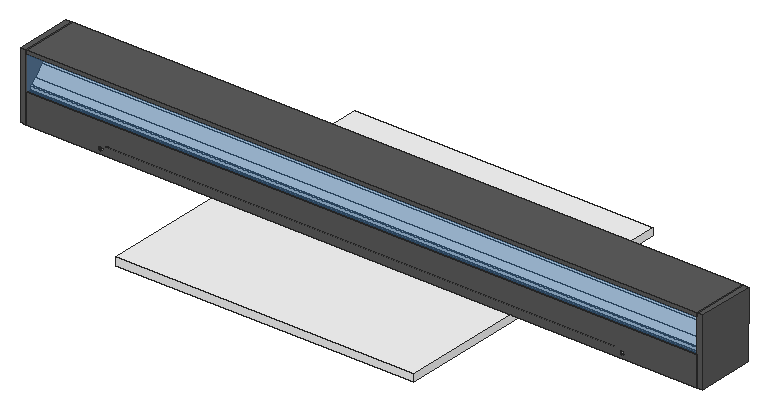
Revit family "BE_50805.5_de_DE", category Leuchten, Revit 2020 (continued)
Definition of nested family "BE_50805.5_Leuchte"
  Automatic sketch dimensions
    level to Extrusion 12 sketch curve = 79.676 mm
    Extrusion 12 sketch curve to Extrusion 12 sketch curve = 0 mm
    Extrusion 12 sketch curve to Extrusion 12 sketch curve = 0.855 mm  (x2)
    plane 1 "Mitte (Oben/Unten)" to Extrusion 13 sketch curve = 16.705 mm
    Extrusion 13 sketch curve to Extrusion 13 sketch curve = 0.311 mm  (x2)
    Extrusion 13 sketch curve to Extrusion 13 sketch curve = 2.819 mm  (x2)
    Extrusion 13 sketch curve to plane 1 "Mitte (Oben/Unten)" = 13.574 mm
    level to Extrusion 13 sketch curve = 79.676 mm
    Extrusion 13 sketch curve to Extrusion 13 sketch curve = 0 mm
    Extrusion 13 sketch curve to Extrusion 13 sketch curve = 0.855 mm  (x2)
    plane 1 "Mitte (Oben/Unten)" to Extrusion 14 sketch curve = 16.705 mm
    Extrusion 14 sketch curve to Extrusion 14 sketch curve = 0.311 mm  (x2)
    Extrusion 14 sketch curve to Extrusion 14 sketch curve = 2.819 mm  (x2)
    Extrusion 14 sketch curve to plane 1 "Mitte (Oben/Unten)" = 13.574 mm
    level to Extrusion 14 sketch curve = 79.676 mm
    Extrusion 14 sketch curve to Extrusion 14 sketch curve = 0 mm
    Extrusion 14 sketch curve to Extrusion 14 sketch curve = 0.855 mm  (x2)
    plane 1 "Mitte (Oben/Unten)" to Extrusion 15 sketch curve = 16.705 mm
    Extrusion 15 sketch curve to Extrusion 15 sketch curve = 0.311 mm  (x2)
    Extrusion 15 sketch curve to Extrusion 15 sketch curve = 2.819 mm  (x2)
    Extrusion 15 sketch curve to plane 1 "Mitte (Oben/Unten)" = 13.574 mm
    level to Extrusion 15 sketch curve = 79.676 mm
    Extrusion 15 sketch curve to Extrusion 15 sketch curve = 0 mm
    Extrusion 15 sketch curve to Extrusion 15 sketch curve = 0.855 mm  (x2)
    plane 1 "Mitte (Oben/Unten)" to Extrusion 16 sketch curve = 16.705 mm
    Extrusion 16 sketch curve to Extrusion 16 sketch curve = 0.311 mm  (x2)
    Extrusion 16 sketch curve to Extrusion 16 sketch curve = 2.819 mm  (x2)
    Extrusion 16 sketch curve to plane 1 "Mitte (Oben/Unten)" = 13.574 mm
    level to Extrusion 16 sketch curve = 79.676 mm
    Extrusion 16 sketch curve to Extrusion 16 sketch curve = 0 mm
    Extrusion 16 sketch curve to Extrusion 16 sketch curve = 0.855 mm  (x2)
    plane 1 "Mitte (Oben/Unten)" to Extrusion 17 sketch curve = 16.705 mm
    Extrusion 17 sketch curve to Extrusion 17 sketch curve = 0.311 mm  (x2)
    Extrusion 17 sketch curve to Extrusion 17 sketch curve = 2.819 mm  (x2)
    Extrusion 17 sketch curve to plane 1 "Mitte (Oben/Unten)" = 13.574 mm
    level to Extrusion 17 sketch curve = 79.676 mm
    Extrusion 17 sketch curve to Extrusion 17 sketch curve = 0 mm
    Extrusion 17 sketch curve to Extrusion 17 sketch curve = 0.855 mm  (x2)
    plane 1 "Mitte (Oben/Unten)" to Extrusion 18 sketch curve = 16.705 mm
    Extrusion 18 sketch curve to Extrusion 18 sketch curve = 0.311 mm  (x2)
    Extrusion 18 sketch curve to Extrusion 18 sketch curve = 2.819 mm  (x2)
    Extrusion 18 sketch curve to plane 1 "Mitte (Oben/Unten)" = 13.574 mm
    level to Extrusion 18 sketch curve = 79.676 mm
    Extrusion 18 sketch curve to Extrusion 18 sketch curve = 0 mm
    Extrusion 18 sketch curve to Extrusion 18 sketch curve = 0.855 mm  (x2)
    plane 1 "Mitte (Oben/Unten)" to Extrusion 19 sketch curve = 16.705 mm
    Extrusion 19 sketch curve to Extrusion 19 sketch curve = 0.311 mm  (x2)
    Extrusion 19 sketch curve to Extrusion 19 sketch curve = 2.819 mm  (x2)
    Extrusion 19 sketch curve to plane 1 "Mitte (Oben/Unten)" = 13.574 mm
    level to Extrusion 19 sketch curve = 79.676 mm
    Extrusion 19 sketch curve to Extrusion 19 sketch curve = 0 mm
    Extrusion 19 sketch curve to Extrusion 19 sketch curve = 0.855 mm  (x2)
    plane 1 "Mitte (Oben/Unten)" to Extrusion 20 sketch curve = 16.705 mm
    Extrusion 20 sketch curve to Extrusion 20 sketch curve = 0.311 mm  (x2)
    Extrusion 20 sketch curve to Extrusion 20 sketch curve = 2.819 mm  (x2)
    Extrusion 20 sketch curve to plane 1 "Mitte (Oben/Unten)" = 13.574 mm
    level to Extrusion 20 sketch curve = 79.676 mm
    Extrusion 20 sketch curve to Extrusion 20 sketch curve = 0 mm
    Extrusion 20 sketch curve to Extrusion 20 sketch curve = 0.855 mm  (x2)
    plane 1 "Mitte (Oben/Unten)" to Extrusion 21 sketch curve = 16.705 mm
    Extrusion 21 sketch curve to Extrusion 21 sketch curve = 0.311 mm  (x2)
    Extrusion 21 sketch curve to Extrusion 21 sketch curve = 2.819 mm  (x2)
    Extrusion 21 sketch curve to plane 1 "Mitte (Oben/Unten)" = 13.574 mm
    level to Extrusion 21 sketch curve = 79.676 mm
    Extrusion 21 sketch curve to Extrusion 21 sketch curve = 0 mm
    Extrusion 21 sketch curve to Extrusion 21 sketch curve = 0.855 mm  (x2)
    plane 1 "Mitte (Oben/Unten)" to Extrusion 22 sketch curve = 16.705 mm
    Extrusion 22 sketch curve to Extrusion 22 sketch curve = 0.311 mm  (x2)
    Extrusion 22 sketch curve to Extrusion 22 sketch curve = 2.819 mm  (x2)
    Extrusion 22 sketch curve to plane 1 "Mitte (Oben/Unten)" = 13.574 mm
    level to Extrusion 22 sketch curve = 79.676 mm
    Extrusion 22 sketch curve to Extrusion 22 sketch curve = 0 mm
    Extrusion 22 sketch curve to Extrusion 22 sketch curve = 0.855 mm  (x2)
    plane 1 "Mitte (Oben/Unten)" to Extrusion 23 sketch curve = 16.705 mm
    Extrusion 23 sketch curve to Extrusion 23 sketch curve = 0.311 mm  (x2)
    Extrusion 23 sketch curve to Extrusion 23 sketch curve = 2.819 mm  (x2)
    Extrusion 23 sketch curve to plane 1 "Mitte (Oben/Unten)" = 13.574 mm
    level to Extrusion 23 sketch curve = 79.676 mm
    Extrusion 23 sketch curve to Extrusion 23 sketch curve = 0 mm
    Extrusion 23 sketch curve to Extrusion 23 sketch curve = 0.855 mm  (x2)
    plane 1 "Mitte (Oben/Unten)" to Extrusion 24 sketch curve = 16.705 mm
    Extrusion 24 sketch curve to Extrusion 24 sketch curve = 0.311 mm  (x2)
    Extrusion 24 sketch curve to Extrusion 24 sketch curve = 2.819 mm  (x2)
    Extrusion 24 sketch curve to plane 1 "Mitte (Oben/Unten)" = 13.574 mm
    level to Extrusion 24 sketch curve = 79.676 mm
    Extrusion 24 sketch curve to Extrusion 24 sketch curve = 0 mm
    Extrusion 24 sketch curve to Extrusion 24 sketch curve = 0.855 mm  (x2)
    plane 1 "Mitte (Oben/Unten)" to Extrusion 25 sketch curve = 16.705 mm
    Extrusion 25 sketch curve to Extrusion 25 sketch curve = 0.311 mm  (x2)
    Extrusion 25 sketch curve to Extrusion 25 sketch curve = 2.819 mm  (x2)
    Extrusion 25 sketch curve to plane 1 "Mitte (Oben/Unten)" = 13.574 mm
    level to Extrusion 25 sketch curve = 79.676 mm
    Extrusion 25 sketch curve to Extrusion 25 sketch curve = 0 mm
    Extrusion 25 sketch curve to Extrusion 25 sketch curve = 0.855 mm  (x2)
    plane 1 "Mitte (Oben/Unten)" to Extrusion 26 sketch curve = 16.705 mm
    Extrusion 26 sketch curve to Extrusion 26 sketch curve = 0.311 mm  (x2)
    Extrusion 26 sketch curve to Extrusion 26 sketch curve = 2.819 mm  (x2)
    Extrusion 26 sketch curve to plane 1 "Mitte (Oben/Unten)" = 13.574 mm
    level to Extrusion 26 sketch curve = 79.676 mm
    Extrusion 26 sketch curve to Extrusion 26 sketch curve = 0 mm
    Extrusion 26 sketch curve to Extrusion 26 sketch curve = 0.855 mm  (x2)
    plane 1 "Mitte (Oben/Unten)" to Extrusion 27 sketch curve = 16.705 mm
    Extrusion 27 sketch curve to Extrusion 27 sketch curve = 0.311 mm  (x2)
    Extrusion 27 sketch curve to Extrusion 27 sketch curve = 2.819 mm  (x2)
    Extrusion 27 sketch curve to plane 1 "Mitte (Oben/Unten)" = 13.574 mm
    level to Extrusion 27 sketch curve = 79.676 mm
    Extrusion 27 sketch curve to Extrusion 27 sketch curve = 0 mm
    Extrusion 27 sketch curve to Extrusion 27 sketch curve = 0.855 mm  (x2)
    plane 1 "Mitte (Oben/Unten)" to Extrusion 28 sketch curve = 16.705 mm
    Extrusion 28 sketch curve to Extrusion 28 sketch curve = 0.311 mm  (x2)
    Extrusion 28 sketch curve to Extrusion 28 sketch curve = 2.819 mm  (x2)
    Extrusion 28 sketch curve to plane 1 "Mitte (Oben/Unten)" = 13.574 mm
    level to Extrusion 28 sketch curve = 79.676 mm
    Extrusion 28 sketch curve to Extrusion 28 sketch curve = 0 mm
    Extrusion 28 sketch curve to Extrusion 28 sketch curve = 0.855 mm  (x2)
    plane 1 "Mitte (Oben/Unten)" to Extrusion 29 sketch curve = 16.705 mm
    Extrusion 29 sketch curve to Extrusion 29 sketch curve = 0.311 mm  (x2)
    Extrusion 29 sketch curve to Extrusion 29 sketch curve = 2.819 mm  (x2)
    Extrusion 29 sketch curve to plane 1 "Mitte (Oben/Unten)" = 13.574 mm
    level to Extrusion 29 sketch curve = 79.676 mm
    Extrusion 29 sketch curve to Extrusion 29 sketch curve = 0 mm
    Extrusion 29 sketch curve to Extrusion 29 sketch curve = 0.855 mm  (x2)
    plane 1 "Mitte (Oben/Unten)" to Extrusion 30 sketch curve = 16.705 mm
    Extrusion 30 sketch curve to Extrusion 30 sketch curve = 0.311 mm  (x2)
    Extrusion 30 sketch curve to Extrusion 30 sketch curve = 2.819 mm  (x2)
    Extrusion 30 sketch curve to plane 1 "Mitte (Oben/Unten)" = 13.574 mm
    level to Extrusion 30 sketch curve = 79.676 mm
    Extrusion 30 sketch curve to Extrusion 30 sketch curve = 0 mm
    Extrusion 30 sketch curve to Extrusion 30 sketch curve = 0.855 mm  (x2)
    plane 1 "Mitte (Oben/Unten)" to Extrusion 31 sketch curve = 16.705 mm
    Extrusion 31 sketch curve to Extrusion 31 sketch curve = 0.311 mm  (x2)
    Extrusion 31 sketch curve to Extrusion 31 sketch curve = 2.819 mm  (x2)
    Extrusion 31 sketch curve to plane 1 "Mitte (Oben/Unten)" = 13.574 mm
    level to Extrusion 31 sketch curve = 79.676 mm
    Extrusion 31 sketch curve to Extrusion 31 sketch curve = 0 mm
    Extrusion 31 sketch curve to Extrusion 31 sketch curve = 0.855 mm  (x2)
    plane 1 "Mitte (Oben/Unten)" to Extrusion 32 sketch curve = 16.705 mm
    Extrusion 32 sketch curve to Extrusion 32 sketch curve = 0.311 mm  (x2)
    Extrusion 32 sketch curve to Extrusion 32 sketch curve = 2.819 mm  (x2)
    Extrusion 32 sketch curve to plane 1 "Mitte (Oben/Unten)" = 13.574 mm
    level to Extrusion 32 sketch curve = 79.676 mm
    Extrusion 32 sketch curve to Extrusion 32 sketch curve = 0 mm
    Extrusion 32 sketch curve to Extrusion 32 sketch curve = 0.855 mm  (x2)
    plane 1 "Mitte (Oben/Unten)" to Extrusion 33 sketch curve = 16.705 mm
    Extrusion 33 sketch curve to Extrusion 33 sketch curve = 0.311 mm  (x2)
    Extrusion 33 sketch curve to Extrusion 33 sketch curve = 2.819 mm  (x2)
    Extrusion 33 sketch curve to plane 1 "Mitte (Oben/Unten)" = 13.574 mm
    level to Extrusion 33 sketch curve = 79.676 mm
    Extrusion 33 sketch curve to Extrusion 33 sketch curve = 0 mm
    Extrusion 33 sketch curve to Extrusion 33 sketch curve = 0.855 mm  (x2)
    plane 1 "Mitte (Oben/Unten)" to Extrusion 34 sketch curve = 16.705 mm
    Extrusion 34 sketch curve to Extrusion 34 sketch curve = 0.311 mm  (x2)
    Extrusion 34 sketch curve to Extrusion 34 sketch curve = 2.819 mm  (x2)
    Extrusion 34 sketch curve to plane 1 "Mitte (Oben/Unten)" = 13.574 mm
    level to Extrusion 34 sketch curve = 79.676 mm
    Extrusion 34 sketch curve to Extrusion 34 sketch curve = 0 mm
    Extrusion 34 sketch curve to Extrusion 34 sketch curve = 0.855 mm  (x2)
    plane 1 "Mitte (Oben/Unten)" to Extrusion 35 sketch curve = 16.705 mm
    Extrusion 35 sketch curve to Extrusion 35 sketch curve = 0.311 mm  (x2)
    Extrusion 35 sketch curve to Extrusion 35 sketch curve = 2.819 mm  (x2)
    Extrusion 35 sketch curve to plane 1 "Mitte (Oben/Unten)" = 13.574 mm
    level to Extrusion 35 sketch curve = 79.676 mm
    Extrusion 35 sketch curve to Extrusion 35 sketch curve = 0 mm
    Extrusion 35 sketch curve to Extrusion 35 sketch curve = 0.855 mm  (x2)
    plane 1 "Mitte (Oben/Unten)" to Extrusion 36 sketch curve = 16.705 mm
    Extrusion 36 sketch curve to Extrusion 36 sketch curve = 0.311 mm  (x2)
    Extrusion 36 sketch curve to Extrusion 36 sketch curve = 2.819 mm  (x2)
    Extrusion 36 sketch curve to plane 1 "Mitte (Oben/Unten)" = 13.574 mm
    level to Extrusion 36 sketch curve = 79.676 mm
    Extrusion 36 sketch curve to Extrusion 36 sketch curve = 0 mm
    Extrusion 36 sketch curve to Extrusion 36 sketch curve = 0.855 mm  (x2)
    plane 1 "Mitte (Oben/Unten)" to Extrusion 37 sketch curve = 16.705 mm
    Extrusion 37 sketch curve to Extrusion 37 sketch curve = 0.311 mm  (x2)
    Extrusion 37 sketch curve to Extrusion 37 sketch curve = 2.819 mm  (x2)
    Extrusion 37 sketch curve to plane 1 "Mitte (Oben/Unten)" = 13.574 mm
    level to Extrusion 37 sketch curve = 79.676 mm
    Extrusion 37 sketch curve to Extrusion 37 sketch curve = 0 mm
    Extrusion 37 sketch curve to Extrusion 37 sketch curve = 0.855 mm  (x2)
    plane 1 "Mitte (Oben/Unten)" to Extrusion 38 sketch curve = 16.705 mm
    Extrusion 38 sketch curve to Extrusion 38 sketch curve = 0.311 mm  (x2)
    Extrusion 38 sketch curve to Extrusion 38 sketch curve = 2.819 mm  (x2)
    Extrusion 38 sketch curve to plane 1 "Mitte (Oben/Unten)" = 13.574 mm
    level to Extrusion 38 sketch curve = 79.676 mm
    Extrusion 38 sketch curve to Extrusion 38 sketch curve = 0 mm
    Extrusion 38 sketch curve to Extrusion 38 sketch curve = 0.855 mm  (x2)
    plane 1 "Mitte (Oben/Unten)" to Extrusion 39 sketch curve = 16.705 mm
    Extrusion 39 sketch curve to Extrusion 39 sketch curve = 0.311 mm  (x2)
    Extrusion 39 sketch curve to Extrusion 39 sketch curve = 2.819 mm  (x2)
    Extrusion 39 sketch curve to plane 1 "Mitte (Oben/Unten)" = 13.574 mm
    level to Extrusion 39 sketch curve = 79.676 mm
    Extrusion 39 sketch curve to Extrusion 39 sketch curve = 0 mm
    Extrusion 39 sketch curve to Extrusion 39 sketch curve = 0.855 mm  (x2)
    plane 1 "Mitte (Oben/Unten)" to Extrusion 40 sketch curve = 16.705 mm
    Extrusion 40 sketch curve to Extrusion 40 sketch curve = 0.311 mm  (x2)
    Extrusion 40 sketch curve to Extrusion 40 sketch curve = 2.819 mm  (x2)
    Extrusion 40 sketch curve to plane 1 "Mitte (Oben/Unten)" = 13.574 mm
    level to Extrusion 40 sketch curve = 79.676 mm
    Extrusion 40 sketch curve to Extrusion 40 sketch curve = 0 mm
    Extrusion 40 sketch curve to Extrusion 40 sketch curve = 0.855 mm  (x2)
    plane 1 "Mitte (Oben/Unten)" to Extrusion 41 sketch curve = 16.705 mm
    Extrusion 41 sketch curve to Extrusion 41 sketch curve = 0.311 mm  (x2)
    Extrusion 41 sketch curve to Extrusion 41 sketch curve = 2.819 mm  (x2)
    Extrusion 41 sketch curve to plane 1 "Mitte (Oben/Unten)" = 13.574 mm
    level to Extrusion 41 sketch curve = 79.676 mm
    Extrusion 41 sketch curve to Extrusion 41 sketch curve = 0 mm
    Extrusion 41 sketch curve to Extrusion 41 sketch curve = 0.855 mm  (x2)
    plane 1 "Mitte (Oben/Unten)" to Extrusion 42 sketch curve = 16.705 mm
    Extrusion 42 sketch curve to Extrusion 42 sketch curve = 0.311 mm  (x2)
    Extrusion 42 sketch curve to Extrusion 42 sketch curve = 2.819 mm  (x2)
    Extrusion 42 sketch curve to plane 1 "Mitte (Oben/Unten)" = 13.574 mm
    level to Extrusion 42 sketch curve = 79.676 mm
    Extrusion 42 sketch curve to Extrusion 42 sketch curve = 0 mm
    Extrusion 42 sketch curve to Extrusion 42 sketch curve = 0.855 mm  (x2)
    plane 1 "Mitte (Oben/Unten)" to Extrusion 43 sketch curve = 16.705 mm
    Extrusion 43 sketch curve to Extrusion 43 sketch curve = 0.311 mm  (x2)
    Extrusion 43 sketch curve to Extrusion 43 sketch curve = 2.819 mm  (x2)
    Extrusion 43 sketch curve to plane 1 "Mitte (Oben/Unten)" = 13.574 mm
    level to Extrusion 43 sketch curve = 79.676 mm
    Extrusion 43 sketch curve to Extrusion 43 sketch curve = 0 mm
    Extrusion 43 sketch curve to Extrusion 43 sketch curve = 0.855 mm  (x2)
    plane 1 "Mitte (Oben/Unten)" to Extrusion 44 sketch curve = 16.705 mm
    Extrusion 44 sketch curve to Extrusion 44 sketch curve = 0.311 mm  (x2)
    Extrusion 44 sketch curve to Extrusion 44 sketch curve = 2.819 mm  (x2)
    Extrusion 44 sketch curve to plane 1 "Mitte (Oben/Unten)" = 13.574 mm
    level to Extrusion 44 sketch curve = 79.676 mm
    Extrusion 44 sketch curve to Extrusion 44 sketch curve = 0 mm
    Extrusion 44 sketch curve to Extrusion 44 sketch curve = 0.855 mm  (x2)
    plane 1 "Mitte (Oben/Unten)" to Extrusion 45 sketch curve = 16.705 mm
    Extrusion 45 sketch curve to Extrusion 45 sketch curve = 0.311 mm  (x2)
    Extrusion 45 sketch curve to Extrusion 45 sketch curve = 2.819 mm  (x2)
    Extrusion 45 sketch curve to plane 1 "Mitte (Oben/Unten)" = 13.574 mm
    level to Extrusion 45 sketch curve = 79.676 mm
    Extrusion 45 sketch curve to Extrusion 45 sketch curve = 0 mm
    Extrusion 45 sketch curve to Extrusion 45 sketch curve = 0.855 mm  (x2)
    plane 1 "Mitte (Oben/Unten)" to Extrusion 46 sketch curve = 16.705 mm
    Extrusion 46 sketch curve to Extrusion 46 sketch curve = 0.311 mm  (x2)
    Extrusion 46 sketch curve to Extrusion 46 sketch curve = 2.819 mm  (x2)
    Extrusion 46 sketch curve to plane 1 "Mitte (Oben/Unten)" = 13.574 mm
    level to Extrusion 46 sketch curve = 79.676 mm
    Extrusion 46 sketch curve to Extrusion 46 sketch curve = 0 mm
    Extrusion 46 sketch curve to Extrusion 46 sketch curve = 0.855 mm  (x2)
    plane 1 "Mitte (Oben/Unten)" to Extrusion 47 sketch curve = 16.705 mm
    Extrusion 47 sketch curve to Extrusion 47 sketch curve = 0.311 mm  (x2)
    Extrusion 47 sketch curve to Extrusion 47 sketch curve = 2.819 mm  (x2)
    Extrusion 47 sketch curve to plane 1 "Mitte (Oben/Unten)" = 13.574 mm
    level to Extrusion 47 sketch curve = 79.676 mm
    Extrusion 47 sketch curve to Extrusion 47 sketch curve = 0 mm
    Extrusion 47 sketch curve to Extrusion 47 sketch curve = 0.855 mm  (x2)
    plane 1 "Mitte (Oben/Unten)" to Extrusion 48 sketch curve = 16.705 mm
    Extrusion 48 sketch curve to Extrusion 48 sketch curve = 0.311 mm  (x2)
    Extrusion 48 sketch curve to Extrusion 48 sketch curve = 2.819 mm  (x2)
    Extrusion 48 sketch curve to plane 1 "Mitte (Oben/Unten)" = 13.574 mm
    level to Extrusion 48 sketch curve = 79.676 mm
    Extrusion 48 sketch curve to Extrusion 48 sketch curve = 0 mm
    Extrusion 48 sketch curve to Extrusion 48 sketch curve = 0.855 mm  (x2)
    plane 1 "Mitte (Oben/Unten)" to Extrusion 49 sketch curve = 16.705 mm
    Extrusion 49 sketch curve to Extrusion 49 sketch curve = 0.311 mm  (x2)
    Extrusion 49 sketch curve to Extrusion 49 sketch curve = 2.819 mm  (x2)
    Extrusion 49 sketch curve to plane 1 "Mitte (Oben/Unten)" = 13.574 mm
    level to Extrusion 49 sketch curve = 79.676 mm
    Extrusion 49 sketch curve to Extrusion 49 sketch curve = 0 mm
    Extrusion 49 sketch curve to Extrusion 49 sketch curve = 0.855 mm  (x2)
    plane 1 "Mitte (Oben/Unten)" to Extrusion 50 sketch curve = 16.705 mm
    Extrusion 50 sketch curve to Extrusion 50 sketch curve = 0.311 mm  (x2)
    Extrusion 50 sketch curve to Extrusion 50 sketch curve = 2.819 mm  (x2)
    Extrusion 50 sketch curve to plane 1 "Mitte (Oben/Unten)" = 13.574 mm
    level to Extrusion 50 sketch curve = 79.676 mm
    Extrusion 50 sketch curve to Extrusion 50 sketch curve = 0 mm
    Extrusion 50 sketch curve to Extrusion 50 sketch curve = 0.855 mm  (x2)
    plane 1 "Mitte (Oben/Unten)" to Extrusion 51 sketch curve = 16.705 mm
    Extrusion 51 sketch curve to Extrusion 51 sketch curve = 0.311 mm  (x2)
    Extrusion 51 sketch curve to Extrusion 51 sketch curve = 2.819 mm  (x2)
    Extrusion 51 sketch curve to plane 1 "Mitte (Oben/Unten)" = 13.574 mm
    level to Extrusion 51 sketch curve = 79.676 mm
    Extrusion 51 sketch curve to Extrusion 51 sketch curve = 0 mm
    Extrusion 51 sketch curve to Extrusion 51 sketch curve = 0.855 mm  (x2)
    plane 1 "Mitte (Oben/Unten)" to Extrusion 52 sketch curve = 16.705 mm
    Extrusion 52 sketch curve to Extrusion 52 sketch curve = 0.311 mm  (x2)
    Extrusion 52 sketch curve to Extrusion 52 sketch curve = 2.819 mm  (x2)
    Extrusion 52 sketch curve to plane 1 "Mitte (Oben/Unten)" = 13.574 mm
    level to Extrusion 52 sketch curve = 79.676 mm
    Extrusion 52 sketch curve to Extrusion 52 sketch curve = 0 mm
    Extrusion 52 sketch curve to Extrusion 52 sketch curve = 0.855 mm  (x2)
    plane 1 "Mitte (Oben/Unten)" to Extrusion 53 sketch curve = 16.705 mm
    Extrusion 53 sketch curve to Extrusion 53 sketch curve = 0.311 mm  (x2)
    Extrusion 53 sketch curve to Extrusion 53 sketch curve = 2.819 mm  (x2)
    Extrusion 53 sketch curve to plane 1 "Mitte (Oben/Unten)" = 13.574 mm
    level to Extrusion 53 sketch curve = 79.676 mm
    Extrusion 53 sketch curve to Extrusion 53 sketch curve = 0 mm
    Extrusion 53 sketch curve to Extrusion 53 sketch curve = 0.855 mm  (x2)
    plane 1 "Mitte (Oben/Unten)" to Extrusion 54 sketch curve = 16.705 mm
    Extrusion 54 sketch curve to Extrusion 54 sketch curve = 0.311 mm  (x2)
    Extrusion 54 sketch curve to Extrusion 54 sketch curve = 2.819 mm  (x2)
    Extrusion 54 sketch curve to plane 1 "Mitte (Oben/Unten)" = 13.574 mm
    level to Extrusion 54 sketch curve = 79.676 mm
    Extrusion 54 sketch curve to Extrusion 54 sketch curve = 0 mm
    Extrusion 54 sketch curve to Extrusion 54 sketch curve = 0.855 mm  (x2)
    plane 1 "Mitte (Oben/Unten)" to Extrusion 55 sketch curve = 16.705 mm
    Extrusion 55 sketch curve to Extrusion 55 sketch curve = 0.311 mm  (x2)
    Extrusion 55 sketch curve to Extrusion 55 sketch curve = 2.819 mm  (x2)
    Extrusion 55 sketch curve to plane 1 "Mitte (Oben/Unten)" = 13.574 mm
    level to Extrusion 55 sketch curve = 79.676 mm
    Extrusion 55 sketch curve to Extrusion 55 sketch curve = 0 mm
    Extrusion 55 sketch curve to Extrusion 55 sketch curve = 0.855 mm  (x2)
    plane 1 "Mitte (Oben/Unten)" to Extrusion 56 sketch curve = 16.705 mm
    Extrusion 56 sketch curve to Extrusion 56 sketch curve = 0.311 mm  (x2)
    Extrusion 56 sketch curve to Extrusion 56 sketch curve = 2.819 mm  (x2)
    Extrusion 56 sketch curve to plane 1 "Mitte (Oben/Unten)" = 13.574 mm
    level to Extrusion 56 sketch curve = 79.676 mm
    Extrusion 56 sketch curve to Extrusion 56 sketch curve = 0 mm
    Extrusion 56 sketch curve to Extrusion 56 sketch curve = 0.855 mm  (x2)
    plane 1 "Mitte (Oben/Unten)" to Extrusion 57 sketch curve = 16.705 mm
    Extrusion 57 sketch curve to Extrusion 57 sketch curve = 0.311 mm  (x2)
    Extrusion 57 sketch curve to Extrusion 57 sketch curve = 2.819 mm  (x2)
    Extrusion 57 sketch curve to plane 1 "Mitte (Oben/Unten)" = 13.574 mm
    level to Extrusion 57 sketch curve = 79.676 mm
    Extrusion 57 sketch curve to Extrusion 57 sketch curve = 0 mm
    Extrusion 57 sketch curve to Extrusion 57 sketch curve = 0.855 mm  (x2)
    plane 1 "Mitte (Oben/Unten)" to Extrusion 58 sketch curve = 16.705 mm
    Extrusion 58 sketch curve to Extrusion 58 sketch curve = 0.311 mm  (x2)
    Extrusion 58 sketch curve to Extrusion 58 sketch curve = 2.819 mm  (x2)
    Extrusion 58 sketch curve to plane 1 "Mitte (Oben/Unten)" = 13.574 mm
    level to Extrusion 58 sketch curve = 79.676 mm
    Extrusion 58 sketch curve to Extrusion 58 sketch curve = 0 mm
    Extrusion 58 sketch curve to Extrusion 58 sketch curve = 0.855 mm  (x2)
    plane 1 "Mitte (Oben/Unten)" to Extrusion 59 sketch curve = 16.705 mm
    Extrusion 59 sketch curve to Extrusion 59 sketch curve = 0.311 mm  (x2)
    Extrusion 59 sketch curve to Extrusion 59 sketch curve = 2.819 mm  (x2)
    Extrusion 59 sketch curve to plane 1 "Mitte (Oben/Unten)" = 13.574 mm
    level to Extrusion 59 sketch curve = 79.676 mm
    Extrusion 59 sketch curve to Extrusion 59 sketch curve = 0 mm
    Extrusion 59 sketch curve to Extrusion 59 sketch curve = 0.855 mm  (x2)
    plane 1 "Mitte (Oben/Unten)" to Extrusion 60 sketch curve = 16.705 mm
    Extrusion 60 sketch curve to Extrusion 60 sketch curve = 0.311 mm  (x2)
    Extrusion 60 sketch curve to Extrusion 60 sketch curve = 2.819 mm  (x2)
    Extrusion 60 sketch curve to plane 1 "Mitte (Oben/Unten)" = 13.574 mm
    level to Extrusion 60 sketch curve = 79.676 mm
    Extrusion 60 sketch curve to Extrusion 60 sketch curve = 0 mm
    Extrusion 60 sketch curve to Extrusion 60 sketch curve = 0.855 mm  (x2)
    plane 1 "Mitte (Oben/Unten)" to Extrusion 61 sketch curve = 16.705 mm
    Extrusion 61 sketch curve to Extrusion 61 sketch curve = 0.311 mm  (x2)
    Extrusion 61 sketch curve to Extrusion 61 sketch curve = 2.819 mm  (x2)
    Extrusion 61 sketch curve to plane 1 "Mitte (Oben/Unten)" = 13.574 mm
    level to Extrusion 61 sketch curve = 79.676 mm
    Extrusion 61 sketch curve to Extrusion 61 sketch curve = 0 mm
    Extrusion 61 sketch curve to Extrusion 61 sketch curve = 0.855 mm  (x2)
    plane 1 "Mitte (Oben/Unten)" to Extrusion 62 sketch curve = 16.705 mm
    Extrusion 62 sketch curve to Extrusion 62 sketch curve = 0.311 mm  (x2)
    Extrusion 62 sketch curve to Extrusion 62 sketch curve = 2.819 mm  (x2)
    Extrusion 62 sketch curve to plane 1 "Mitte (Oben/Unten)" = 13.574 mm
    level to Extrusion 62 sketch curve = 79.676 mm
    Extrusion 62 sketch curve to Extrusion 62 sketch curve = 0 mm
    Extrusion 62 sketch curve to Extrusion 62 sketch curve = 0.855 mm  (x2)
    plane 1 "Mitte (Oben/Unten)" to Extrusion 63 sketch curve = 16.705 mm
    Extrusion 63 sketch curve to Extrusion 63 sketch curve = 0.311 mm  (x2)
    Extrusion 63 sketch curve to Extrusion 63 sketch curve = 2.819 mm  (x2)
    Extrusion 63 sketch curve to plane 1 "Mitte (Oben/Unten)" = 13.574 mm
    level to Extrusion 63 sketch curve = 79.676 mm
    Extrusion 63 sketch curve to Extrusion 63 sketch curve = 0 mm
    Extrusion 63 sketch curve to Extrusion 63 sketch curve = 0.855 mm  (x2)
    plane 1 "Mitte (Oben/Unten)" to Extrusion 64 sketch curve = 16.705 mm
    Extrusion 64 sketch curve to Extrusion 64 sketch curve = 0.311 mm  (x2)
    Extrusion 64 sketch curve to Extrusion 64 sketch curve = 2.819 mm  (x2)
    Extrusion 64 sketch curve to plane 1 "Mitte (Oben/Unten)" = 13.574 mm
    level to Extrusion 64 sketch curve = 79.676 mm
    Extrusion 64 sketch curve to Extrusion 64 sketch curve = 0 mm
    Extrusion 64 sketch curve to Extrusion 64 sketch curve = 0.855 mm  (x2)
    plane 1 "Mitte (Oben/Unten)" to Extrusion 65 sketch curve = 16.705 mm
    Extrusion 65 sketch curve to Extrusion 65 sketch curve = 0.311 mm  (x2)
    Extrusion 65 sketch curve to Extrusion 65 sketch curve = 2.819 mm  (x2)
    Extrusion 65 sketch curve to plane 1 "Mitte (Oben/Unten)" = 13.574 mm
    level to Extrusion 65 sketch curve = 79.676 mm
    Extrusion 65 sketch curve to Extrusion 65 sketch curve = 0 mm
    Extrusion 65 sketch curve to Extrusion 65 sketch curve = 0.855 mm  (x2)
    plane 1 "Mitte (Oben/Unten)" to Extrusion 66 sketch curve = 16.705 mm
    Extrusion 66 sketch curve to Extrusion 66 sketch curve = 0.311 mm  (x2)
    Extrusion 66 sketch curve to Extrusion 66 sketch curve = 2.819 mm  (x2)
    Extrusion 66 sketch curve to plane 1 "Mitte (Oben/Unten)" = 13.574 mm
    level to Extrusion 66 sketch curve = 79.676 mm
    Extrusion 66 sketch curve to Extrusion 66 sketch curve = 0 mm
    Extrusion 66 sketch curve to Extrusion 66 sketch curve = 0.855 mm  (x2)
    plane 1 "Mitte (Oben/Unten)" to Extrusion 67 sketch curve = 16.705 mm
    Extrusion 67 sketch curve to Extrusion 67 sketch curve = 0.311 mm  (x2)
    Extrusion 67 sketch curve to Extrusion 67 sketch curve = 2.819 mm  (x2)
    Extrusion 67 sketch curve to plane 1 "Mitte (Oben/Unten)" = 13.574 mm
    level to Extrusion 67 sketch curve = 79.676 mm
    Extrusion 67 sketch curve to Extrusion 67 sketch curve = 0 mm
    Extrusion 67 sketch curve to Extrusion 67 sketch curve = 0.855 mm  (x2)
    plane 1 "Mitte (Oben/Unten)" to Extrusion 68 sketch curve = 16.705 mm
    Extrusion 68 sketch curve to Extrusion 68 sketch curve = 0.311 mm  (x2)
    Extrusion 68 sketch curve to Extrusion 68 sketch curve = 2.819 mm  (x2)
    Extrusion 68 sketch curve to plane 1 "Mitte (Oben/Unten)" = 13.574 mm
    level to Extrusion 68 sketch curve = 79.676 mm
    Extrusion 68 sketch curve to Extrusion 68 sketch curve = 0 mm
    Extrusion 68 sketch curve to Extrusion 68 sketch curve = 0.855 mm  (x2)
    plane 1 "Mitte (Oben/Unten)" to Extrusion 69 sketch curve = 16.705 mm
    Extrusion 69 sketch curve to Extrusion 69 sketch curve = 0.311 mm  (x2)
    Extrusion 69 sketch curve to Extrusion 69 sketch curve = 2.819 mm  (x2)
    Extrusion 69 sketch curve to plane 1 "Mitte (Oben/Unten)" = 13.574 mm
    level to Extrusion 69 sketch curve = 79.676 mm
    Extrusion 69 sketch curve to Extrusion 69 sketch curve = 0 mm
    Extrusion 69 sketch curve to Extrusion 69 sketch curve = 0.855 mm  (x2)
    plane 1 "Mitte (Oben/Unten)" to Extrusion 70 sketch curve = 16.705 mm
    Extrusion 70 sketch curve to Extrusion 70 sketch curve = 0.311 mm  (x2)
    Extrusion 70 sketch curve to Extrusion 70 sketch curve = 2.819 mm  (x2)
    Extrusion 70 sketch curve to plane 1 "Mitte (Oben/Unten)" = 13.574 mm
    level to Extrusion 70 sketch curve = 79.676 mm
    Extrusion 70 sketch curve to Extrusion 70 sketch curve = 0 mm
    Extrusion 70 sketch curve to Extrusion 70 sketch curve = 0.855 mm  (x2)
    plane 1 "Mitte (Oben/Unten)" to Extrusion 71 sketch curve = 16.705 mm
    Extrusion 71 sketch curve to Extrusion 71 sketch curve = 0.311 mm  (x2)
    Extrusion 71 sketch curve to Extrusion 71 sketch curve = 2.819 mm  (x2)
    Extrusion 71 sketch curve to plane 1 "Mitte (Oben/Unten)" = 13.574 mm
    level to Extrusion 71 sketch curve = 79.676 mm
    Extrusion 71 sketch curve to Extrusion 71 sketch curve = 0 mm
    Extrusion 71 sketch curve to Extrusion 71 sketch curve = 0.855 mm  (x2)
    plane 1 "Mitte (Oben/Unten)" to Extrusion 72 sketch curve = 16.705 mm
    Extrusion 72 sketch curve to Extrusion 72 sketch curve = 0.311 mm  (x2)
    Extrusion 72 sketch curve to Extrusion 72 sketch curve = 2.819 mm  (x2)
    Extrusion 72 sketch curve to plane 1 "Mitte (Oben/Unten)" = 13.574 mm
    level to Extrusion 72 sketch curve = 79.676 mm
    Extrusion 72 sketch curve to Extrusion 72 sketch curve = 0 mm
    Extrusion 72 sketch curve to Extrusion 72 sketch curve = 0.855 mm  (x2)
    plane 1 "Mitte (Oben/Unten)" to Extrusion 73 sketch curve = 16.705 mm
    Extrusion 73 sketch curve to Extrusion 73 sketch curve = 0.311 mm  (x2)
    Extrusion 73 sketch curve to Extrusion 73 sketch curve = 2.819 mm  (x2)
    Extrusion 73 sketch curve to plane 1 "Mitte (Oben/Unten)" = 13.574 mm
    level to Extrusion 73 sketch curve = 79.676 mm
    Extrusion 73 sketch curve to Extrusion 73 sketch curve = 0 mm
    Extrusion 73 sketch curve to Extrusion 73 sketch curve = 0.855 mm  (x2)
    plane 1 "Mitte (Oben/Unten)" to Extrusion 74 sketch curve = 16.705 mm
    Extrusion 74 sketch curve to Extrusion 74 sketch curve = 0.311 mm  (x2)
    Extrusion 74 sketch curve to Extrusion 74 sketch curve = 2.819 mm  (x2)
    Extrusion 74 sketch curve to plane 1 "Mitte (Oben/Unten)" = 13.574 mm
    level to Extrusion 74 sketch curve = 79.676 mm
    Extrusion 74 sketch curve to Extrusion 74 sketch curve = 0 mm
    Extrusion 74 sketch curve to Extrusion 74 sketch curve = 0.855 mm  (x2)
    plane 1 "Mitte (Oben/Unten)" to Extrusion 75 sketch curve = 16.705 mm
    Extrusion 75 sketch curve to Extrusion 75 sketch curve = 0.311 mm  (x2)
    Extrusion 75 sketch curve to Extrusion 75 sketch curve = 2.819 mm  (x2)
    Extrusion 75 sketch curve to plane 1 "Mitte (Oben/Unten)" = 13.574 mm
    level to Extrusion 75 sketch curve = 79.676 mm
    Extrusion 75 sketch curve to Extrusion 75 sketch curve = 0 mm
    Extrusion 75 sketch curve to Extrusion 75 sketch curve = 0.855 mm  (x2)
    plane 1 "Mitte (Oben/Unten)" to Extrusion 76 sketch curve = 16.705 mm
    Extrusion 76 sketch curve to Extrusion 76 sketch curve = 0.311 mm  (x2)
    Extrusion 76 sketch curve to Extrusion 76 sketch curve = 2.819 mm  (x2)
    Extrusion 76 sketch curve to plane 1 "Mitte (Oben/Unten)" = 13.574 mm
    level to Extrusion 76 sketch curve = 79.676 mm
    Extrusion 76 sketch curve to Extrusion 76 sketch curve = 0 mm
    Extrusion 76 sketch curve to Extrusion 76 sketch curve = 0.855 mm  (x2)
    plane 1 "Mitte (Oben/Unten)" to Extrusion 77 sketch curve = 16.705 mm
    Extrusion 77 sketch curve to Extrusion 77 sketch curve = 0.311 mm  (x2)
    Extrusion 77 sketch curve to Extrusion 77 sketch curve = 2.819 mm  (x2)
    Extrusion 77 sketch curve to plane 1 "Mitte (Oben/Unten)" = 13.574 mm
    level to Extrusion 77 sketch curve = 79.676 mm
    Extrusion 77 sketch curve to Extrusion 77 sketch curve = 0 mm
    Extrusion 77 sketch curve to Extrusion 77 sketch curve = 0.855 mm  (x2)
    plane 1 "Mitte (Oben/Unten)" to Extrusion 78 sketch curve = 16.705 mm
    Extrusion 78 sketch curve to Extrusion 78 sketch curve = 0.311 mm  (x2)
    Extrusion 78 sketch curve to Extrusion 78 sketch curve = 2.819 mm  (x2)
    Extrusion 78 sketch curve to plane 1 "Mitte (Oben/Unten)" = 13.574 mm
    level to Extrusion 78 sketch curve = 79.676 mm
    Extrusion 78 sketch curve to Extrusion 78 sketch curve = 0 mm
    Extrusion 78 sketch curve to Extrusion 78 sketch curve = 0.855 mm  (x2)
    plane 1 "Mitte (Oben/Unten)" to Extrusion 79 sketch curve = 16.705 mm
    Extrusion 79 sketch curve to Extrusion 79 sketch curve = 0.311 mm  (x2)
    Extrusion 79 sketch curve to Extrusion 79 sketch curve = 2.819 mm  (x2)
    Extrusion 79 sketch curve to plane 1 "Mitte (Oben/Unten)" = 13.574 mm
    level to Extrusion 79 sketch curve = 79.676 mm
    Extrusion 79 sketch curve to Extrusion 79 sketch curve = 0 mm
    Extrusion 79 sketch curve to Extrusion 79 sketch curve = 0.855 mm  (x2)
    plane 1 "Mitte (Oben/Unten)" to Extrusion 80 sketch curve = 16.705 mm
    Extrusion 80 sketch curve to Extrusion 80 sketch curve = 0.311 mm  (x2)
    Extrusion 80 sketch curve to Extrusion 80 sketch curve = 2.819 mm  (x2)
    Extrusion 80 sketch curve to plane 1 "Mitte (Oben/Unten)" = 13.574 mm
    level to Extrusion 80 sketch curve = 79.676 mm
    Extrusion 80 sketch curve to Extrusion 80 sketch curve = 0 mm
    Extrusion 80 sketch curve to Extrusion 80 sketch curve = 0.855 mm  (x2)
    plane 1 "Mitte (Oben/Unten)" to Extrusion 81 sketch curve = 16.705 mm
    Extrusion 81 sketch curve to Extrusion 81 sketch curve = 0.311 mm  (x2)
    Extrusion 81 sketch curve to Extrusion 81 sketch curve = 2.819 mm  (x2)
    Extrusion 81 sketch curve to plane 1 "Mitte (Oben/Unten)" = 13.574 mm
    level to Extrusion 81 sketch curve = 79.676 mm
    Extrusion 81 sketch curve to Extrusion 81 sketch curve = 0 mm
    Extrusion 81 sketch curve to Extrusion 81 sketch curve = 0.855 mm  (x2)
    plane 1 "Mitte (Oben/Unten)" to Extrusion 82 sketch curve = 16.705 mm
    Extrusion 82 sketch curve to Extrusion 82 sketch curve = 0.311 mm  (x2)
    Extrusion 82 sketch curve to Extrusion 82 sketch curve = 2.819 mm  (x2)
    Extrusion 82 sketch curve to plane 1 "Mitte (Oben/Unten)" = 13.574 mm
    level to Extrusion 82 sketch curve = 79.676 mm
    Extrusion 82 sketch curve to Extrusion 82 sketch curve = 0 mm
    Extrusion 82 sketch curve to Extrusion 82 sketch curve = 0.855 mm  (x2)
    plane 1 "Mitte (Oben/Unten)" to Extrusion 83 sketch curve = 16.705 mm
    Extrusion 83 sketch curve to Extrusion 83 sketch curve = 0.311 mm  (x2)
    Extrusion 83 sketch curve to Extrusion 83 sketch curve = 2.819 mm  (x2)
    Extrusion 83 sketch curve to plane 1 "Mitte (Oben/Unten)" = 13.574 mm
    level to Extrusion 83 sketch curve = 79.676 mm
    Extrusion 83 sketch curve to Extrusion 83 sketch curve = 0 mm
    Extrusion 83 sketch curve to Extrusion 83 sketch curve = 0.855 mm  (x2)
    plane 1 "Mitte (Oben/Unten)" to Extrusion 84 sketch curve = 16.705 mm
    Extrusion 84 sketch curve to Extrusion 84 sketch curve = 0.311 mm  (x2)
    Extrusion 84 sketch curve to Extrusion 84 sketch curve = 2.819 mm  (x2)
    Extrusion 84 sketch curve to plane 1 "Mitte (Oben/Unten)" = 13.574 mm
    level to Extrusion 84 sketch curve = 79.676 mm
    Extrusion 84 sketch curve to Extrusion 84 sketch curve = 0 mm
    Extrusion 84 sketch curve to Extrusion 84 sketch curve = 0.855 mm  (x2)
    plane 1 "Mitte (Oben/Unten)" to Extrusion 85 sketch curve = 16.705 mm
    Extrusion 85 sketch curve to Extrusion 85 sketch curve = 0.311 mm  (x2)
    Extrusion 85 sketch curve to Extrusion 85 sketch curve = 2.819 mm  (x2)
    Extrusion 85 sketch curve to plane 1 "Mitte (Oben/Unten)" = 13.574 mm
    level to Extrusion 85 sketch curve = 79.676 mm
    Extrusion 85 sketch curve to Extrusion 85 sketch curve = 0 mm
    Extrusion 85 sketch curve to Extrusion 85 sketch curve = 0.855 mm  (x2)
    plane 1 "Mitte (Oben/Unten)" to Extrusion 86 sketch curve = 16.705 mm
    Extrusion 86 sketch curve to Extrusion 86 sketch curve = 0.311 mm  (x2)
    Extrusion 86 sketch curve to Extrusion 86 sketch curve = 2.819 mm  (x2)
    Extrusion 86 sketch curve to plane 1 "Mitte (Oben/Unten)" = 13.574 mm
    level to Extrusion 86 sketch curve = 79.676 mm
    Extrusion 86 sketch curve to Extrusion 86 sketch curve = 0 mm
    Extrusion 86 sketch curve to Extrusion 86 sketch curve = 0.855 mm  (x2)
    plane 1 "Mitte (Oben/Unten)" to Extrusion 87 sketch curve = 16.705 mm
    Extrusion 87 sketch curve to Extrusion 87 sketch curve = 0.311 mm  (x2)
    Extrusion 87 sketch curve to Extrusion 87 sketch curve = 2.819 mm  (x2)
    Extrusion 87 sketch curve to plane 1 "Mitte (Oben/Unten)" = 13.574 mm
    level to Extrusion 87 sketch curve = 79.676 mm
    Extrusion 87 sketch curve to Extrusion 87 sketch curve = 0 mm
    Extrusion 87 sketch curve to Extrusion 87 sketch curve = 0.855 mm  (x2)
    plane 1 "Mitte (Oben/Unten)" to Extrusion 88 sketch curve = 16.705 mm
    Extrusion 88 sketch curve to Extrusion 88 sketch curve = 0.311 mm  (x2)
    Extrusion 88 sketch curve to Extrusion 88 sketch curve = 2.819 mm  (x2)
    Extrusion 88 sketch curve to plane 1 "Mitte (Oben/Unten)" = 13.574 mm
    level to Extrusion 88 sketch curve = 79.676 mm
    Extrusion 88 sketch curve to Extrusion 88 sketch curve = 0 mm
    Extrusion 88 sketch curve to Extrusion 88 sketch curve = 0.855 mm  (x2)
    plane 1 "Mitte (Oben/Unten)" to Extrusion 89 sketch curve = 16.705 mm
    Extrusion 89 sketch curve to Extrusion 89 sketch curve = 0.311 mm  (x2)
    Extrusion 89 sketch curve to Extrusion 89 sketch curve = 2.819 mm  (x2)
    Extrusion 89 sketch curve to plane 1 "Mitte (Oben/Unten)" = 13.574 mm
    level to Extrusion 89 sketch curve = 79.676 mm
    Extrusion 89 sketch curve to Extrusion 89 sketch curve = 0 mm
    Extrusion 89 sketch curve to Extrusion 89 sketch curve = 0.855 mm  (x2)
    plane 1 "Mitte (Oben/Unten)" to Extrusion 90 sketch curve = 16.705 mm
    Extrusion 90 sketch curve to Extrusion 90 sketch curve = 0.311 mm  (x2)
    Extrusion 90 sketch curve to Extrusion 90 sketch curve = 2.819 mm  (x2)
    Extrusion 90 sketch curve to plane 1 "Mitte (Oben/Unten)" = 13.574 mm
    level to Extrusion 90 sketch curve = 79.676 mm
    Extrusion 90 sketch curve to Extrusion 90 sketch curve = 0 mm
    Extrusion 90 sketch curve to Extrusion 90 sketch curve = 0.855 mm  (x2)
    plane 1 "Mitte (Oben/Unten)" to Extrusion 91 sketch curve = 27.289 mm
    Extrusion 91 sketch curve to Extrusion 91 sketch curve = 0.53 mm  (x3)
    plane 1 "Mitte (Oben/Unten)" to Extrusion 91 sketch curve = 8.965 mm
    Extrusion 91 sketch curve to Extrusion 91 sketch curve = 0.475 mm
    Extrusion 91 sketch curve to plane 1 "Mitte (Oben/Unten)" = 8.435 mm
    Extrusion 91 sketch curve to Extrusion 91 sketch curve = 18.324 mm
    level to Extrusion 91 sketch curve = 76.695 mm
    Extrusion 91 sketch curve to Extrusion 91 sketch curve = 0 mm
    Extrusion 91 sketch curve to Extrusion 91 sketch curve = 1.305 mm
    Extrusion 91 sketch curve to Extrusion 91 sketch curve = 1.457 mm  (x3)
    Extrusion 91 sketch curve to Extrusion 91 sketch curve = 6.669 mm  (x2)
    level to Revolve 92 sketch curve = 7 mm
    plane 1 "Mitte (Oben/Unten)" to Revolve 92 sketch curve = 38 mm
    level to Revolve 92 sketch curve = 9.5 mm
    Revolve 92 sketch curve to Revolve 92 sketch curve = 6.5 mm
    Revolve 92 sketch curve to Revolve 92 sketch curve = 0 mm  (x2)
    Revolve 92 sketch curve to Revolve 92 sketch curve = 2 mm
    Revolve 92 sketch curve to Revolve 92 sketch curve = 5.8 mm
    level to Revolve 93 sketch curve = 7 mm
    plane 1 "Mitte (Oben/Unten)" to Revolve 93 sketch curve = 38 mm
    level to Revolve 93 sketch curve = 9.5 mm
    Revolve 93 sketch curve to Revolve 93 sketch curve = 6.5 mm
    Revolve 93 sketch curve to Revolve 93 sketch curve = 0 mm  (x2)
    Revolve 93 sketch curve to Revolve 93 sketch curve = 2 mm
    Revolve 93 sketch curve to Revolve 93 sketch curve = 5.8 mm
    level to Revolve 94 sketch curve = 7 mm
    plane 1 "Mitte (Oben/Unten)" to Revolve 94 sketch curve = 37.7 mm
    Revolve 94 sketch curve to Revolve 94 sketch curve = 8.25 mm
    Revolve 94 sketch curve to Revolve 94 sketch curve = 2.5 mm  (x2)
    Revolve 94 sketch curve to Revolve 94 sketch curve = 2.3 mm
    Revolve 94 sketch curve to Revolve 94 sketch curve = 1.25 mm
    Revolve 94 sketch curve to Revolve 94 sketch curve = 0 mm
    level to Revolve 95 sketch curve = 7 mm
    plane 1 "Mitte (Oben/Unten)" to Revolve 95 sketch curve = 37.7 mm
    Revolve 95 sketch curve to Revolve 95 sketch curve = 8.25 mm
    Revolve 95 sketch curve to Revolve 95 sketch curve = 2.5 mm  (x2)
    Revolve 95 sketch curve to Revolve 95 sketch curve = 2.3 mm
    Revolve 95 sketch curve to Revolve 95 sketch curve = 1.25 mm
    Revolve 95 sketch curve to Revolve 95 sketch curve = 0 mm
